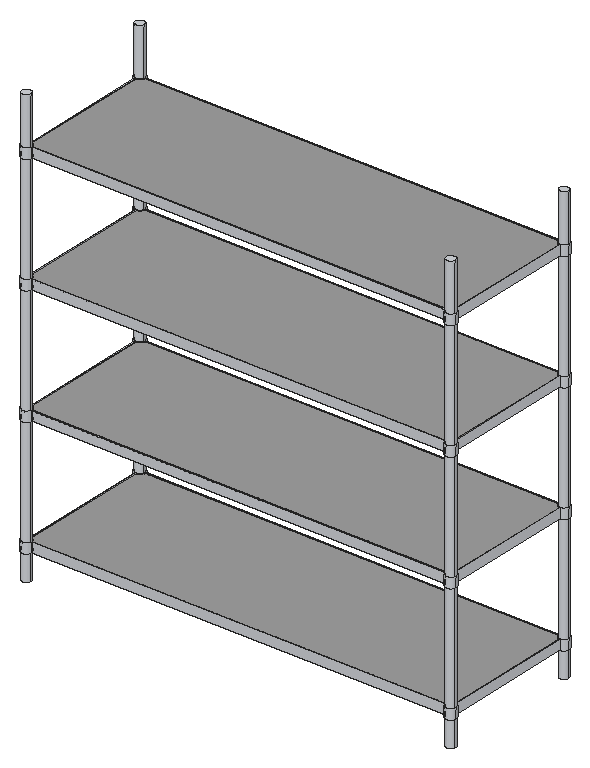
Revit family "Pantry Shelving", category Generic Models, Revit 2012
Parameters (values of type "72" Wide x 24" Deep")
  Width = 6' - 0"
  Top Shelf Distance from Top of Pole = 0' - 8"
  Pole Height = 6' - 2"
  Depth = 2' - 0"
  Bottom Shelf Height = 0' - 6"
Types (17): name | Width | Depth
  48" Wide x 14" Deep | 4' - 0" | 1' - 2"
  36" Wide x 14" Deep | 3' - 0" | 1' - 2"
  42" Wide x 14" Deep | 3' - 6" | 1' - 2"
  60" Wide x 14" Deep | 5' - 0" | 1' - 2"
  72" Wide x 14" Deep | 6' - 0" | 1' - 2"
  36" Wide x 18" Deep | 3' - 0" | 1' - 6"
  42" Wide x 18" Deep | 3' - 6" | 1' - 6"
  48" Wide x 18" Deep | 4' - 0" | 1' - 6"
  60" Wide x 18" Deep | 5' - 0" | 1' - 6"
  54" Wide x 18" Deep | 4' - 6" | 1' - 6"
  72" Wide x 18" Deep | 6' - 0" | 1' - 6"
  36" Wide x 24" Deep | 3' - 0" | 2' - 0"
  42" Wide x 24" Deep | 3' - 6" | 2' - 0"
  48" Wide x 24" Deep | 4' - 0" | 2' - 0"
  54" Wide x 24" Deep | 4' - 6" | 2' - 0"
  60" Wide x 24" Deep | 5' - 0" | 2' - 0"
  72" Wide x 24" Deep | 6' - 0" | 2' - 0"
Reference planes (in)
  plane 1 "Center (Front/Back)": y = 0
  plane 2: z = 0
  plane 3 "Center (Left/Right)": x = 0
  plane 4: x = -36
  plane 5: x = 36
  plane 6: y = -12
  plane 7: y = 12
  plane 8 "Bottom Shelf": z = 6
  plane 9 "2nd Shelf": z = 26
  plane 10 "3rd Shelf": z = 46
  plane 11 "Top Shelf": z = 66
  plane 12 "Top of Pole": z = 74
Forms (in)
  Extrusion 1, solid
    sketch origin (0, 0, 0) x (1, 0, 0) y (0, 1, 0)
      loop
        circle (-36, 12) r 0.75
    from 0 to 74
  Extrusion 2, solid
    sketch origin (0, 0, 0) x (-1, 0, 0) y (0, -1, 0)
      loop
        circle (-36, -12) r 0.75
    from 0 to 74
  Extrusion 3, solid
    sketch origin (0, 0, 0) x (1, 0, 0) y (0, 1, 0)
      loop
        circle (-36, -12) r 0.75
    from 0 to 74
  Extrusion 4, solid
    sketch origin (0, 0, 0) x (-1, 0, 0) y (0, -1, 0)
      loop
        circle (-36, 12) r 0.75
    from 0 to 74
  Extrusion 5, solid
    sketch origin (0, 0, 6) x (-1, 0, 0) y (0, -1, 0)
      loop
        circle (36, -12) r 0.75
      loop
        arc (35.12723, -11.9375) -> (35.38128, -11.38128) -> (35.9375, -11.12723) r 0.875
        line (35.9375, -11.12723) -> (35.9375, 11.12723)
        arc (35.9375, 11.12723) -> (35.38128, 11.38128) -> (35.12723, 11.9375) r 0.875
        line (35.12723, 11.9375) -> (-35.12723, 11.9375)
        arc (-35.12723, 11.9375) -> (-35.38128, 11.38128) -> (-35.9375, 11.12723) r 0.875
        line (-35.9375, 11.12723) -> (-35.9375, -11.12723)
        arc (-35.9375, -11.12723) -> (-35.38128, -11.38128) -> (-35.12723, -11.9375) r 0.875
        line (-35.12723, -11.9375) -> (35.12723, -11.9375)
      loop
        arc (36.0625, 11.12723) -> (36.64043, 11.40379) -> (36.875, 12) r 0.875
        arc (36.875, 12) -> (36.03127, 12.87444) -> (35.12723, 12.0625) r 0.875
        line (35.12723, 12.0625) -> (-35.12723, 12.0625)
        arc (-35.12723, 12.0625) -> (-36.03127, 12.87444) -> (-36.875, 12) r 0.875
        arc (-36.875, 12) -> (-36.64043, 11.40379) -> (-36.0625, 11.12723) r 0.875
        line (-36.0625, 11.12723) -> (-36.0625, -11.12723)
        arc (-36.0625, -11.12723) -> (-36.64043, -11.40379) -> (-36.875, -12) r 0.875
        arc (-36.875, -12) -> (-36.03127, -12.87444) -> (-35.12723, -12.0625) r 0.875
        line (-35.12723, -12.0625) -> (35.12723, -12.0625)
        arc (35.12723, -12.0625) -> (36.03127, -12.87444) -> (36.875, -12) r 0.875
        arc (36.875, -12) -> (36.64043, -11.40379) -> (36.0625, -11.12723) r 0.875
        line (36.0625, -11.12723) -> (36.0625, 11.12723)
      loop
        circle (-36, -12) r 0.75
      loop
        circle (36, 12) r 0.75
      loop
        circle (-36, 12) r 0.75
    from 0 to -1.625
  Extrusion 6, solid
    sketch origin (0, 0, 26) x (-1, 0, 0) y (0, -1, 0)
      loop
        circle (36, -12) r 0.75
      loop
        arc (35.12723, -11.9375) -> (35.38128, -11.38128) -> (35.9375, -11.12723) r 0.875
        line (35.9375, -11.12723) -> (35.9375, 11.12723)
        arc (35.9375, 11.12723) -> (35.38128, 11.38128) -> (35.12723, 11.9375) r 0.875
        line (35.12723, 11.9375) -> (-35.12723, 11.9375)
        arc (-35.12723, 11.9375) -> (-35.38128, 11.38128) -> (-35.9375, 11.12723) r 0.875
        line (-35.9375, 11.12723) -> (-35.9375, -11.12723)
        arc (-35.9375, -11.12723) -> (-35.38128, -11.38128) -> (-35.12723, -11.9375) r 0.875
        line (-35.12723, -11.9375) -> (35.12723, -11.9375)
      loop
        arc (36.0625, 11.12723) -> (36.64043, 11.40379) -> (36.875, 12) r 0.875
        arc (36.875, 12) -> (36.03127, 12.87444) -> (35.12723, 12.0625) r 0.875
        line (35.12723, 12.0625) -> (-35.12723, 12.0625)
        arc (-35.12723, 12.0625) -> (-36.03127, 12.87444) -> (-36.875, 12) r 0.875
        arc (-36.875, 12) -> (-36.64043, 11.40379) -> (-36.0625, 11.12723) r 0.875
        line (-36.0625, 11.12723) -> (-36.0625, -11.12723)
        arc (-36.0625, -11.12723) -> (-36.64043, -11.40379) -> (-36.875, -12) r 0.875
        arc (-36.875, -12) -> (-36.03127, -12.87444) -> (-35.12723, -12.0625) r 0.875
        line (-35.12723, -12.0625) -> (35.12723, -12.0625)
        arc (35.12723, -12.0625) -> (36.03127, -12.87444) -> (36.875, -12) r 0.875
        arc (36.875, -12) -> (36.64043, -11.40379) -> (36.0625, -11.12723) r 0.875
        line (36.0625, -11.12723) -> (36.0625, 11.12723)
      loop
        circle (-36, -12) r 0.75
      loop
        circle (36, 12) r 0.75
      loop
        circle (-36, 12) r 0.75
    from 0 to -1.625
  Extrusion 7, solid
    sketch origin (0, 0, 46) x (-1, 0, 0) y (0, -1, 0)
      loop
        circle (36, -12) r 0.75
      loop
        arc (35.12723, -11.9375) -> (35.38128, -11.38128) -> (35.9375, -11.12723) r 0.875
        line (35.9375, -11.12723) -> (35.9375, 11.12723)
        arc (35.9375, 11.12723) -> (35.38128, 11.38128) -> (35.12723, 11.9375) r 0.875
        line (35.12723, 11.9375) -> (-35.12723, 11.9375)
        arc (-35.12723, 11.9375) -> (-35.38128, 11.38128) -> (-35.9375, 11.12723) r 0.875
        line (-35.9375, 11.12723) -> (-35.9375, -11.12723)
        arc (-35.9375, -11.12723) -> (-35.38128, -11.38128) -> (-35.12723, -11.9375) r 0.875
        line (-35.12723, -11.9375) -> (35.12723, -11.9375)
      loop
        arc (36.0625, 11.12723) -> (36.64043, 11.40379) -> (36.875, 12) r 0.875
        arc (36.875, 12) -> (36.03127, 12.87444) -> (35.12723, 12.0625) r 0.875
        line (35.12723, 12.0625) -> (-35.12723, 12.0625)
        arc (-35.12723, 12.0625) -> (-36.03127, 12.87444) -> (-36.875, 12) r 0.875
        arc (-36.875, 12) -> (-36.64043, 11.40379) -> (-36.0625, 11.12723) r 0.875
        line (-36.0625, 11.12723) -> (-36.0625, -11.12723)
        arc (-36.0625, -11.12723) -> (-36.64043, -11.40379) -> (-36.875, -12) r 0.875
        arc (-36.875, -12) -> (-36.03127, -12.87444) -> (-35.12723, -12.0625) r 0.875
        line (-35.12723, -12.0625) -> (35.12723, -12.0625)
        arc (35.12723, -12.0625) -> (36.03127, -12.87444) -> (36.875, -12) r 0.875
        arc (36.875, -12) -> (36.64043, -11.40379) -> (36.0625, -11.12723) r 0.875
        line (36.0625, -11.12723) -> (36.0625, 11.12723)
      loop
        circle (-36, -12) r 0.75
      loop
        circle (36, 12) r 0.75
      loop
        circle (-36, 12) r 0.75
    from 0 to -1.625
  Extrusion 8, solid
    sketch origin (0, 0, 66) x (-1, 0, 0) y (0, -1, 0)
      loop
        circle (36, -12) r 0.75
      loop
        arc (35.12723, -11.9375) -> (35.38128, -11.38128) -> (35.9375, -11.12723) r 0.875
        line (35.9375, -11.12723) -> (35.9375, 11.12723)
        arc (35.9375, 11.12723) -> (35.38128, 11.38128) -> (35.12723, 11.9375) r 0.875
        line (35.12723, 11.9375) -> (-35.12723, 11.9375)
        arc (-35.12723, 11.9375) -> (-35.38128, 11.38128) -> (-35.9375, 11.12723) r 0.875
        line (-35.9375, 11.12723) -> (-35.9375, -11.12723)
        arc (-35.9375, -11.12723) -> (-35.38128, -11.38128) -> (-35.12723, -11.9375) r 0.875
        line (-35.12723, -11.9375) -> (35.12723, -11.9375)
      loop
        arc (36.0625, 11.12723) -> (36.64043, 11.40379) -> (36.875, 12) r 0.875
        arc (36.875, 12) -> (36.03127, 12.87444) -> (35.12723, 12.0625) r 0.875
        line (35.12723, 12.0625) -> (-35.12723, 12.0625)
        arc (-35.12723, 12.0625) -> (-36.03127, 12.87444) -> (-36.875, 12) r 0.875
        arc (-36.875, 12) -> (-36.64043, 11.40379) -> (-36.0625, 11.12723) r 0.875
        line (-36.0625, 11.12723) -> (-36.0625, -11.12723)
        arc (-36.0625, -11.12723) -> (-36.64043, -11.40379) -> (-36.875, -12) r 0.875
        arc (-36.875, -12) -> (-36.03127, -12.87444) -> (-35.12723, -12.0625) r 0.875
        line (-35.12723, -12.0625) -> (35.12723, -12.0625)
        arc (35.12723, -12.0625) -> (36.03127, -12.87444) -> (36.875, -12) r 0.875
        arc (36.875, -12) -> (36.64043, -11.40379) -> (36.0625, -11.12723) r 0.875
        line (36.0625, -11.12723) -> (36.0625, 11.12723)
      loop
        circle (-36, -12) r 0.75
      loop
        circle (36, 12) r 0.75
      loop
        circle (-36, 12) r 0.75
    from 0 to -1.625
  Extrusion 9, solid, material "Shelf Top"
    sketch origin (0, 0, 6) x (-1, 0, 0) y (0, -1, 0)
      loop
        line (35.9375, -11.12723) -> (35.9375, 11.12723)
        arc (35.9375, 11.12723) -> (35.38128, 11.38128) -> (35.12723, 11.9375) r 0.875
        line (35.12723, 11.9375) -> (-35.12723, 11.9375)
        arc (-35.12723, 11.9375) -> (-35.38128, 11.38128) -> (-35.9375, 11.12723) r 0.875
        line (-35.9375, 11.12723) -> (-35.9375, -11.12723)
        arc (-35.9375, -11.12723) -> (-35.38128, -11.38128) -> (-35.12723, -11.9375) r 0.875
        line (-35.12723, -11.9375) -> (35.12723, -11.9375)
        arc (35.12723, -11.9375) -> (35.38128, -11.38128) -> (35.9375, -11.12723) r 0.875
    from 0 to -0.5
  Extrusion 10, solid, material "Shelf Top"
    sketch origin (0, 0, 26) x (-1, 0, 0) y (0, -1, 0)
      loop
        line (35.9375, -11.12723) -> (35.9375, 11.12723)
        arc (35.9375, 11.12723) -> (35.38128, 11.38128) -> (35.12723, 11.9375) r 0.875
        line (35.12723, 11.9375) -> (-35.12723, 11.9375)
        arc (-35.12723, 11.9375) -> (-35.38128, 11.38128) -> (-35.9375, 11.12723) r 0.875
        line (-35.9375, 11.12723) -> (-35.9375, -11.12723)
        arc (-35.9375, -11.12723) -> (-35.38128, -11.38128) -> (-35.12723, -11.9375) r 0.875
        line (-35.12723, -11.9375) -> (35.12723, -11.9375)
        arc (35.12723, -11.9375) -> (35.38128, -11.38128) -> (35.9375, -11.12723) r 0.875
    from 0 to -0.5
  Extrusion 11, solid, material "Shelf Top"
    sketch origin (0, 0, 46) x (-1, 0, 0) y (0, -1, 0)
      loop
        line (35.9375, -11.12723) -> (35.9375, 11.12723)
        arc (35.9375, 11.12723) -> (35.38128, 11.38128) -> (35.12723, 11.9375) r 0.875
        line (35.12723, 11.9375) -> (-35.12723, 11.9375)
        arc (-35.12723, 11.9375) -> (-35.38128, 11.38128) -> (-35.9375, 11.12723) r 0.875
        line (-35.9375, 11.12723) -> (-35.9375, -11.12723)
        arc (-35.9375, -11.12723) -> (-35.38128, -11.38128) -> (-35.12723, -11.9375) r 0.875
        line (-35.12723, -11.9375) -> (35.12723, -11.9375)
        arc (35.12723, -11.9375) -> (35.38128, -11.38128) -> (35.9375, -11.12723) r 0.875
    from 0 to -0.5
  Extrusion 12, solid, material "Shelf Top"
    sketch origin (0, 0, 66) x (-1, 0, 0) y (0, -1, 0)
      loop
        line (35.9375, -11.12723) -> (35.9375, 11.12723)
        arc (35.9375, 11.12723) -> (35.38128, 11.38128) -> (35.12723, 11.9375) r 0.875
        line (35.12723, 11.9375) -> (-35.12723, 11.9375)
        arc (-35.12723, 11.9375) -> (-35.38128, 11.38128) -> (-35.9375, 11.12723) r 0.875
        line (-35.9375, 11.12723) -> (-35.9375, -11.12723)
        arc (-35.9375, -11.12723) -> (-35.38128, -11.38128) -> (-35.12723, -11.9375) r 0.875
        line (-35.12723, -11.9375) -> (35.12723, -11.9375)
        arc (35.12723, -11.9375) -> (35.38128, -11.38128) -> (35.9375, -11.12723) r 0.875
    from 0 to -0.5
Dimensions and locks (in)
  equal spacing: plane 7, plane 1 "Center (Front/Back)", plane 6
  equal spacing: plane 4, plane 3 "Center (Left/Right)", plane 5
  "Depth": plane 7 to plane 6
  "Width": plane 4 to plane 5
  Extrusion 5 sketch curve to plane 7 to Extrusion 5 sketch curve = 0' - 0 1/16" locked, 0' - 0 1/16" locked
  Extrusion 5 sketch curve to plane 4 to Extrusion 5 sketch curve = 0' - 0 1/16" locked, 0' - 0 1/16" locked
  Extrusion 5 sketch curve to plane 5 to Extrusion 5 sketch curve = 0' - 0 1/16" locked, 0' - 0 1/16" locked
  Extrusion 5 sketch curve to plane 6 to Extrusion 5 sketch curve = 0' - 0 1/16" locked, 0' - 0 1/16" locked
  "Bottom Shelf Height": plane 8 "Bottom Shelf" to plane 2
  "Top Shelf Distance from Top of Pole": plane 12 "Top of Pole" to plane 11 "Top Shelf"
  equal spacing: plane 11 "Top Shelf", plane 10 "3rd Shelf", plane 9 "2nd Shelf", plane 8 "Bottom Shelf"
  Extrusion 6 sketch curve to Extrusion 6 sketch curve = 0' - 0 1/8"  (x4)
  Extrusion 7 sketch curve to Extrusion 7 sketch curve = 0' - 0 1/8"  (x4)
  Extrusion 8 sketch curve to Extrusion 8 sketch curve = 0' - 0 1/8"  (x4)
  "Pole Height": plane 12 "Top of Pole" to level
  aligned and locked: plane 2 to level
  aligned and locked: plane 12 "Top of Pole" to Extrusion 3
  aligned and locked: Extrusion 4 to Extrusion 3
  aligned and locked: Extrusion 1 to Extrusion 3
  aligned and locked: Extrusion 2 to Extrusion 1
Automatic sketch dimensions
  Extrusion 1 sketch curve to plane 4 = 0' - 0"
  Extrusion 1 sketch curve to plane 7 = 0' - 0"
  Extrusion 2 sketch curve to plane 5 = 0' - 0"
  Extrusion 2 sketch curve to plane 7 = 0' - 0"
  Extrusion 3 sketch curve to plane 4 = 0' - 0"
  plane 6 to Extrusion 3 sketch curve = 0' - 0"
  Extrusion 4 sketch curve to plane 5 = 0' - 0"
  plane 6 to Extrusion 4 sketch curve = 0' - 0"
  Extrusion 5 sketch curve to Extrusion 5 sketch curve = 0' - 0"  (x52)
  plane 6 to Extrusion 5 sketch curve = 0' - 0"  (x2)
  Extrusion 5 sketch curve to plane 7 = 0' - 0"  (x2)
  Extrusion 5 sketch curve to plane 5 = 0' - 0"  (x2)
  Extrusion 5 sketch curve to plane 4 = 0' - 0"  (x2)
  Extrusion 5 sketch curve to Extrusion 5 sketch curve = 0' - 0 7/8"  (x2)
  plane 4 to Extrusion 5 sketch curve = 0' - 0.87277"  (x2)
  Extrusion 6 sketch curve to Extrusion 6 sketch curve = 0' - 0"  (x52)
  plane 6 to Extrusion 6 sketch curve = 0' - 0"  (x2)
  Extrusion 6 sketch curve to plane 7 = 0' - 0"  (x2)
  Extrusion 6 sketch curve to plane 5 = 0' - 0"  (x2)
  Extrusion 6 sketch curve to plane 4 = 0' - 0"  (x2)
  plane 5 to Extrusion 6 sketch curve = 0' - 0 1/16"
  Extrusion 6 sketch curve to Extrusion 6 sketch curve = 0' - 0 7/8"  (x2)
  plane 6 to Extrusion 6 sketch curve = 0' - 0 1/16"
  plane 7 to Extrusion 6 sketch curve = 0' - 0 1/16"
  plane 4 to Extrusion 6 sketch curve = 0' - 0.87277"  (x2)
  plane 4 to Extrusion 6 sketch curve = 0' - 0 1/16"
  Extrusion 7 sketch curve to Extrusion 7 sketch curve = 0' - 0"  (x52)
  plane 6 to Extrusion 7 sketch curve = 0' - 0"  (x2)
  Extrusion 7 sketch curve to plane 7 = 0' - 0"  (x2)
  Extrusion 7 sketch curve to plane 5 = 0' - 0"  (x2)
  Extrusion 7 sketch curve to plane 4 = 0' - 0"  (x2)
  plane 5 to Extrusion 7 sketch curve = 0' - 0 1/16"
  Extrusion 7 sketch curve to Extrusion 7 sketch curve = 0' - 0 7/8"  (x2)
  plane 6 to Extrusion 7 sketch curve = 0' - 0 1/16"
  plane 7 to Extrusion 7 sketch curve = 0' - 0 1/16"
  plane 4 to Extrusion 7 sketch curve = 0' - 0.87277"  (x2)
  plane 4 to Extrusion 7 sketch curve = 0' - 0 1/16"
  Extrusion 8 sketch curve to Extrusion 8 sketch curve = 0' - 0"  (x52)
  plane 6 to Extrusion 8 sketch curve = 0' - 0"  (x2)
  Extrusion 8 sketch curve to plane 7 = 0' - 0"  (x2)
  Extrusion 8 sketch curve to plane 5 = 0' - 0"  (x2)
  Extrusion 8 sketch curve to plane 4 = 0' - 0"  (x2)
  plane 5 to Extrusion 8 sketch curve = 0' - 0 1/16"
  Extrusion 8 sketch curve to Extrusion 8 sketch curve = 0' - 0 7/8"  (x2)
  plane 6 to Extrusion 8 sketch curve = 0' - 0 1/16"
  plane 7 to Extrusion 8 sketch curve = 0' - 0 1/16"
  plane 4 to Extrusion 8 sketch curve = 0' - 0.87277"  (x2)
  plane 4 to Extrusion 8 sketch curve = 0' - 0 1/16"
  Extrusion 9 sketch curve to plane 5 = 0' - 0"  (x2)
  Extrusion 9 sketch curve to plane 4 = 0' - 0"  (x2)
  Extrusion 9 sketch curve to plane 7 = 0' - 0"  (x2)
  plane 6 to Extrusion 9 sketch curve = 0' - 0"  (x2)
  Extrusion 9 sketch curve to plane 5 = 0' - 0 1/16"
  Extrusion 9 sketch curve to plane 7 = 0' - 0 1/16"
  Extrusion 9 sketch curve to plane 5 = 0' - 0.87277"  (x2)
  Extrusion 9 sketch curve to plane 6 = 0' - 0 1/16"
  plane 4 to Extrusion 9 sketch curve = 0' - 0.87277"  (x2)
  plane 4 to Extrusion 9 sketch curve = 0' - 0 1/16"
  Extrusion 10 sketch curve to plane 5 = 0' - 0"  (x2)
  Extrusion 10 sketch curve to plane 4 = 0' - 0"  (x2)
  Extrusion 10 sketch curve to plane 7 = 0' - 0"  (x2)
  plane 6 to Extrusion 10 sketch curve = 0' - 0"  (x2)
  Extrusion 10 sketch curve to plane 5 = 0' - 0 1/16"
  Extrusion 10 sketch curve to plane 7 = 0' - 0 1/16"
  Extrusion 10 sketch curve to plane 5 = 0' - 0.87277"  (x2)
  Extrusion 10 sketch curve to plane 6 = 0' - 0 1/16"
  plane 4 to Extrusion 10 sketch curve = 0' - 0.87277"  (x2)
  plane 4 to Extrusion 10 sketch curve = 0' - 0 1/16"
  Extrusion 11 sketch curve to plane 5 = 0' - 0"  (x2)
  Extrusion 11 sketch curve to plane 4 = 0' - 0"  (x2)
  Extrusion 11 sketch curve to plane 7 = 0' - 0"  (x2)
  plane 6 to Extrusion 11 sketch curve = 0' - 0"  (x2)
  Extrusion 11 sketch curve to plane 5 = 0' - 0 1/16"
  Extrusion 11 sketch curve to plane 7 = 0' - 0 1/16"
  Extrusion 11 sketch curve to plane 5 = 0' - 0.87277"  (x2)
  Extrusion 11 sketch curve to plane 6 = 0' - 0 1/16"
  plane 4 to Extrusion 11 sketch curve = 0' - 0.87277"  (x2)
  plane 4 to Extrusion 11 sketch curve = 0' - 0 1/16"
  Extrusion 12 sketch curve to plane 5 = 0' - 0"  (x2)
  Extrusion 12 sketch curve to plane 4 = 0' - 0"  (x2)
  Extrusion 12 sketch curve to plane 7 = 0' - 0"  (x2)
  plane 6 to Extrusion 12 sketch curve = 0' - 0"  (x2)
  Extrusion 12 sketch curve to plane 5 = 0' - 0 1/16"
  Extrusion 12 sketch curve to plane 7 = 0' - 0 1/16"
  Extrusion 12 sketch curve to plane 5 = 0' - 0.87277"  (x2)
  Extrusion 12 sketch curve to plane 6 = 0' - 0 1/16"
  plane 4 to Extrusion 12 sketch curve = 0' - 0.87277"  (x2)
  plane 4 to Extrusion 12 sketch curve = 0' - 0 1/16"
  radius of Extrusion 1 sketch curve = 0' - 0 3/4"
  radius of Extrusion 2 sketch curve = 0' - 0 3/4"
  radius of Extrusion 3 sketch curve = 0' - 0 3/4"
  radius of Extrusion 4 sketch curve = 0' - 0 3/4"
  radius of Extrusion 5 sketch curve = 0' - 0 3/4"  (x4)
  radius of Extrusion 6 sketch curve = 0' - 0 3/4"  (x4)
  radius of Extrusion 7 sketch curve = 0' - 0 3/4"  (x4)
  radius of Extrusion 8 sketch curve = 0' - 0 3/4"  (x4)
